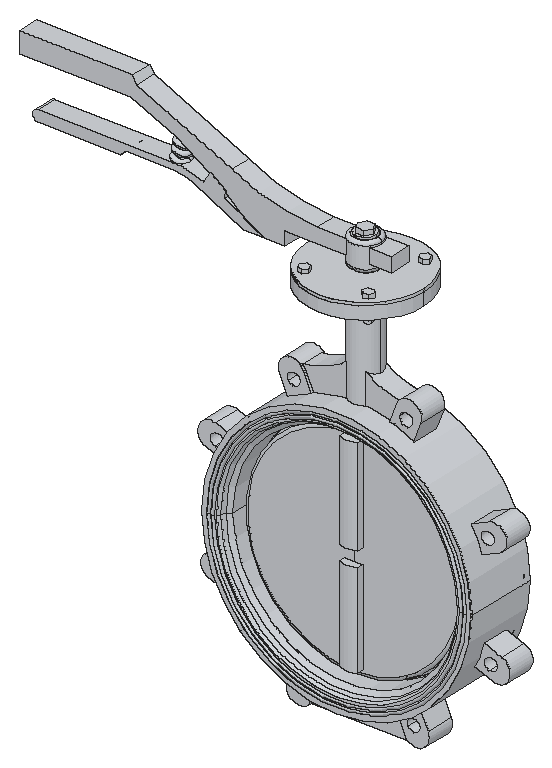
Revit family "R59FLY012", category Plumbing Fixtures, Revit 2015
Reference planes
  plane 1 "Center (Front/Back)": y = 0
  plane 2: z = 0
  plane 3 "Center (Left/Right)": x = 0
  plane 4: z = 191
  plane 5: x = -260
  plane 6: z = 268
  plane 7: z = -120
  plane 8: z = -30
  plane 9: z = 221
  plane 10: z = -30
  plane 11: y = -27.988
  plane 12: y = 28.012
Forms (mm)
  Extrusion 1, solid
    sketch origin (0, 0, 181) x (1, 0, 0) y (0, 1, 0)
      loop
        circle (0, 0) r 45
    from 0 to 10
  Extrusion 2, solid
    sketch origin (0, 45.948, -89.573) x (1, 0, 0) y (0, 0, 1)
      loop
        arc (-96.679, 319.319) -> (-132.67, 336.792) -> (-169.654, 352.049) r 659.286
        line (-169.654, 352.049) -> (-172.843, 357.573) -> (-260, 357.573) -> (-260, 341.853) -> (-174.471, 341.853)
        arc (-174.471, 341.853) -> (-122.152, 316.93) -> (-77.024, 280.573) r 248.649
        line (-77.024, 280.573) -> (-55.568, 280.573) -> (-55.568, 291.199) -> (26.878, 291.199) -> (26.878, 302.179) -> (-30.767, 302.179)
        arc (-30.767, 302.179) -> (-64.704, 306.978) -> (-96.679, 319.319) r 150.722
    from 37.966 to 54.11
  Extrusion 3, solid
    sketch origin (-37.783, 45.948, -159.087) x (1, 0, 0) y (0, 0, 1)
      loop
        line (-98.516, 377.301) -> (-208.006, 377.301)
        arc (-208.006, 377.301) -> (-212.274, 373.033) -> (-208.006, 368.766) r 4.268
        line (-208.006, 368.766) -> (-144.475, 368.766) -> (-140.939, 372.301) -> (-103.305, 372.301)
        arc (-103.305, 372.301) -> (-95.507, 371.471) -> (-88.058, 369.019) r 37.057
        arc (-88.058, 369.019) -> (-68.407, 360.05) -> (-49.241, 350.087) r 421.945
        line (-49.241, 350.087) -> (-34.866, 350.087)
        arc (-34.866, 350.087) -> (-48.985, 359.43) -> (-64, 367.252) r 162.429
        line (-64, 367.252) -> (-63.437, 371.843) -> (-74.98, 380.231) -> (-80.609, 372.485)
        arc (-80.609, 372.485) -> (-89.36, 375.646) -> (-98.516, 377.301) r 55.494
    from 37.966 to 54.11
  Extrusion 4, solid
    sketch origin (0, 0, -76.95) x (1, 0, 0) y (0, 1, 0)
      loop
        circle (0, 0) r 12
    from 173.526 to 257.95
  Revolve 5, solid
    sketch origin (0, 0, 0) x (0, 1, 0) y (0, 0, 1)
      loop
        line (-1.078, -87.589) -> (1.078, -87.589) -> (1.078, -86.655)
        arc (1.078, -86.655) -> (1.953, -85.222) -> (3.478, -84.518) r 2.888
        line (3.478, -84.518) -> (6.599, -84.518)
        arc (6.599, -84.518) -> (9.772, -82.776) -> (11.11, -79.413) r 5.351
        line (11.11, -79.413) -> (11.11, 0) -> (-11.11, 0) -> (-11.11, -81.848)
        arc (-11.11, -81.848) -> (-10.328, -83.736) -> (-8.44, -84.518) r 2.67
        line (-8.44, -84.518) -> (-3.478, -84.518)
        arc (-3.478, -84.518) -> (-1.953, -85.222) -> (-1.078, -86.655) r 2.888
        line (-1.078, -86.655) -> (-1.078, -87.589)
      axis (11.11, 0) -> (-11.11, 0)
    angle from 0 to 360
  Blend 6, solid
    base sketch origin (0, 0, -4.163) x (1, 0, 0) y (0, 1, 0)
      loop
        line (-6.883, 16.4) -> (-6.883, -16.4)
        arc (-6.883, -16.4) -> (0, -18.078) -> (6.883, -16.4) r 14.953
        line (6.883, -16.4) -> (6.883, 16.4)
        arc (6.883, 16.4) -> (0, 18.078) -> (-6.883, 16.4) r 14.953
    top sketch origin (0, 0, 0) x (1, 0, 0) y (0, 1, 0)
      loop
        line (-6.883, 16.4) -> (-6.883, -16.4)
        arc (-6.883, -16.4) -> (0, -18.078) -> (6.883, -16.4) r 14.953
        line (6.883, -16.4) -> (6.883, 16.4)
        arc (6.883, 16.4) -> (0, 18.078) -> (-6.883, 16.4) r 14.953
    from 10.163 to 80.378
  Blend 7, solid
    base sketch origin (0, 0, -38.601) x (0, -1, 0) y (1, 0, 0)
      loop
        line (-16.4, -6.883) -> (16.4, -6.883)
        arc (16.4, -6.883) -> (18.078, 0) -> (16.4, 6.883) r 14.953
        line (16.4, 6.883) -> (-16.4, 6.883)
        arc (-16.4, 6.883) -> (-18.078, 0) -> (-16.4, -6.883) r 14.953
    top sketch origin (0, 0, -35.117) x (0, -1, 0) y (1, 0, 0)
      loop
        line (-16.4, -6.883) -> (16.4, -6.883)
        arc (16.4, -6.883) -> (18.078, 0) -> (16.4, 6.883) r 14.953
        line (16.4, 6.883) -> (-16.4, 6.883)
        arc (-16.4, 6.883) -> (-18.078, 0) -> (-16.4, -6.883) r 14.953
    from -40.115 to 29.117
  Extrusion 8, solid
    sketch origin (-17.499, 0, 36.545) x (0.99863, 0, -0.052336) y (0.052336, 0, 0.99863)
      loop
        line (-18.251, 60.114) -> (-25.459, 74.264)
        arc (-25.459, 74.264) -> (-38.908, 78.635) -> (-43.28, 65.186) r 10
        line (-43.28, 65.186) -> (-36.072, 51.036) -> (-18.251, 60.114)
      loop
        circle (-32.1, 65.269) r 5
    from -10.546 to 10.991
  Extrusion 9, solid
    sketch origin (13.467, 0, 38.215) x (0.669131, 0, -0.743145) y (0.743145, 0, 0.669131)
      loop
        line (-18.251, 60.114) -> (-25.459, 74.264)
        arc (-25.459, 74.264) -> (-38.908, 78.635) -> (-43.28, 65.186) r 10
        line (-43.28, 65.186) -> (-36.072, 51.036) -> (-18.251, 60.114)
      loop
        circle (-32.1, 65.269) r 5
    from -10.546 to 10.991
  Extrusion 10, solid
    sketch origin (36.545, 0, 17.499) x (-0.052336, 0, -0.99863) y (0.99863, 0, -0.052336)
      loop
        line (-18.251, 60.114) -> (-25.459, 74.264)
        arc (-25.459, 74.264) -> (-38.908, 78.635) -> (-43.28, 65.186) r 10
        line (-43.28, 65.186) -> (-36.072, 51.036) -> (-18.251, 60.114)
      loop
        circle (-32.1, 65.269) r 5
    from -10.546 to 10.991
  Extrusion 11, solid
    sketch origin (38.215, 0, -13.467) x (-0.743145, 0, -0.669131) y (0.669131, 0, -0.743145)
      loop
        line (-18.251, 60.114) -> (-25.459, 74.264)
        arc (-25.459, 74.264) -> (-38.908, 78.635) -> (-43.28, 65.186) r 10
        line (-43.28, 65.186) -> (-36.072, 51.036) -> (-18.251, 60.114)
      loop
        circle (-32.1, 65.269) r 5
    from -10.546 to 10.991
  Extrusion 12, solid
    sketch origin (17.499, 0, -36.545) x (-0.99863, 0, 0.052336) y (-0.052336, 0, -0.99863)
      loop
        line (-18.251, 60.114) -> (-25.459, 74.264)
        arc (-25.459, 74.264) -> (-38.908, 78.635) -> (-43.28, 65.186) r 10
        line (-43.28, 65.186) -> (-36.072, 51.036) -> (-18.251, 60.114)
      loop
        circle (-32.1, 65.269) r 5
    from -10.546 to 10.991
  Extrusion 13, solid
    sketch origin (-13.467, 0, -38.215) x (-0.669131, 0, 0.743145) y (-0.743145, 0, -0.669131)
      loop
        line (-18.251, 60.114) -> (-25.459, 74.264)
        arc (-25.459, 74.264) -> (-38.908, 78.635) -> (-43.28, 65.186) r 10
        line (-43.28, 65.186) -> (-36.072, 51.036) -> (-18.251, 60.114)
      loop
        circle (-32.1, 65.269) r 5
    from -10.546 to 10.991
  Extrusion 14, solid
    sketch origin (-36.545, 0, -17.499) x (0.052336, 0, 0.99863) y (-0.99863, 0, 0.052336)
      loop
        line (-18.251, 60.114) -> (-25.459, 74.264)
        arc (-25.459, 74.264) -> (-38.908, 78.635) -> (-43.28, 65.186) r 10
        line (-43.28, 65.186) -> (-36.072, 51.036) -> (-18.251, 60.114)
      loop
        circle (-32.1, 65.269) r 5
    from -10.546 to 10.991
  Extrusion 15, solid
    sketch origin (-38.215, 0, 13.467) x (0.743145, 0, 0.669131) y (-0.669131, 0, 0.743145)
      loop
        line (-18.251, 60.114) -> (-25.459, 74.264)
        arc (-25.459, 74.264) -> (-38.908, 78.635) -> (-43.28, 65.186) r 10
        line (-43.28, 65.186) -> (-36.072, 51.036) -> (-18.251, 60.114)
      loop
        circle (-32.1, 65.269) r 5
    from -10.546 to 10.991
  Extrusion 16, solid
    sketch origin (99.126, -27.447, 193) x (0, -1, 0) y (1, 0, 0)
      loop
        line (3.99, -123.113) -> (0.805, -120.344) -> (-3.184, -121.718) -> (-3.99, -125.86) -> (-0.805, -128.628) -> (3.184, -127.254) -> (3.99, -123.113)
    from 0 to 3
  Extrusion 17, solid
    sketch origin (99.126, -27.447, 173) x (0, -1, 0) y (1, 0, 0)
      loop
        circle (0, -124.486) r 3
    from 2.505 to 20
  Extrusion 18, solid
    sketch origin (99.126, -27.447, 180) x (0, -1, 0) y (1, 0, 0)
      loop
        line (3.99, -123.113) -> (0.805, -120.344) -> (-3.184, -121.718) -> (-3.99, -125.86) -> (-0.805, -128.628) -> (3.184, -127.254) -> (3.99, -123.113)
      loop
        line (-3.444, -125.672) -> (-0.695, -128.061) -> (2.749, -126.876) -> (3.444, -123.301) -> (0.695, -120.911) -> (-2.749, -122.097) -> (-3.444, -125.672)
    from -1.968 to 1
  Extrusion 19, solid, not visible
    sketch origin (26.117, -96.518, 104.233) x (0, -1, 0) y (1, 0, 0)
      loop
        line (3.99, -123.113) -> (0.805, -120.344) -> (-3.184, -121.718) -> (-3.99, -125.86) -> (-0.805, -128.628) -> (3.184, -127.254) -> (3.99, -123.113)
    from 0 to 3
  Extrusion 20, solid, not visible
    sketch origin (26.117, -96.518, 84.233) x (0, -1, 0) y (1, 0, 0)
      loop
        circle (0, -124.486) r 3
    from 2.505 to 20
  Extrusion 21, solid, not visible
    sketch origin (26.117, -96.518, 91.233) x (0, -1, 0) y (1, 0, 0)
      loop
        line (3.99, -123.113) -> (0.805, -120.344) -> (-3.184, -121.718) -> (-3.99, -125.86) -> (-0.805, -128.628) -> (3.184, -127.254) -> (3.99, -123.113)
      loop
        line (-3.444, -125.672) -> (-0.695, -128.061) -> (2.749, -126.876) -> (3.444, -123.301) -> (0.695, -120.911) -> (-2.749, -122.097) -> (-3.444, -125.672)
    from -1.968 to 1
  Extrusion 22, solid
    sketch origin (0, 0, 191) x (1, 0, 0) y (0, 1, 0)
      loop
        circle (0, 0) r 45
    from 0 to 2
  Extrusion 23, solid
    sketch origin (99.126, -27.447, 193) x (0, -1, 0) y (1, 0, 0)
      loop
        line (-58.884, -123.113) -> (-58.079, -127.254) -> (-54.09, -128.628) -> (-50.905, -125.86) -> (-51.71, -121.718) -> (-55.7, -120.344) -> (-58.884, -123.113)
    from 0 to 3
  Extrusion 24, solid
    sketch origin (99.126, -27.447, 173) x (0, -1, 0) y (1, 0, 0)
      loop
        circle (-54.895, -124.486) r 3
    from 2.505 to 20
  Extrusion 25, solid
    sketch origin (99.126, -27.447, 180) x (0, -1, 0) y (1, 0, 0)
      loop
        line (-58.884, -123.113) -> (-58.079, -127.254) -> (-54.09, -128.628) -> (-50.905, -125.86) -> (-51.71, -121.718) -> (-55.7, -120.344) -> (-58.884, -123.113)
      loop
        line (-51.451, -125.672) -> (-52.146, -122.097) -> (-55.59, -120.911) -> (-58.339, -123.301) -> (-57.644, -126.876) -> (-54.2, -128.061) -> (-51.451, -125.672)
    from -1.968 to 1
  Extrusion 26, solid
    sketch origin (-100.376, 27.447, 193) x (0, 1, 0) y (-1, 0, 0)
      loop
        line (-58.884, -123.113) -> (-58.079, -127.254) -> (-54.09, -128.628) -> (-50.905, -125.86) -> (-51.71, -121.718) -> (-55.7, -120.344) -> (-58.884, -123.113)
    from 0 to 3
  Extrusion 27, solid
    sketch origin (-100.376, 27.447, 173) x (0, 1, 0) y (-1, 0, 0)
      loop
        circle (-54.895, -124.486) r 3
    from 2.505 to 20
  Extrusion 28, solid
    sketch origin (-100.376, 27.447, 180) x (0, 1, 0) y (-1, 0, 0)
      loop
        line (-58.884, -123.113) -> (-58.079, -127.254) -> (-54.09, -128.628) -> (-50.905, -125.86) -> (-51.71, -121.718) -> (-55.7, -120.344) -> (-58.884, -123.113)
      loop
        line (-51.451, -125.672) -> (-52.146, -122.097) -> (-55.59, -120.911) -> (-58.339, -123.301) -> (-57.644, -126.876) -> (-54.2, -128.061) -> (-51.451, -125.672)
    from -1.968 to 1
  Extrusion 29, solid
    sketch origin (-100.376, 27.447, 193) x (0, 1, 0) y (-1, 0, 0)
      loop
        line (3.99, -123.113) -> (0.805, -120.344) -> (-3.184, -121.718) -> (-3.99, -125.86) -> (-0.805, -128.628) -> (3.184, -127.254) -> (3.99, -123.113)
    from 0 to 3
  Extrusion 30, solid
    sketch origin (-100.376, 27.447, 173) x (0, 1, 0) y (-1, 0, 0)
      loop
        circle (0, -124.486) r 3
    from 2.505 to 20
  Extrusion 31, solid
    sketch origin (-100.376, 27.447, 180) x (0, 1, 0) y (-1, 0, 0)
      loop
        line (3.99, -123.113) -> (0.805, -120.344) -> (-3.184, -121.718) -> (-3.99, -125.86) -> (-0.805, -128.628) -> (3.184, -127.254) -> (3.99, -123.113)
      loop
        line (-3.444, -125.672) -> (-0.695, -128.061) -> (2.749, -126.876) -> (3.444, -123.301) -> (0.695, -120.911) -> (-2.749, -122.097) -> (-3.444, -125.672)
    from -1.968 to 1
  Extrusion 32, solid
    sketch origin (125.063, -27.447, 218.144) x (0, -1, 0) y (1, 0, 0)
      loop
        line (-32.638, -122.069) -> (-32.638, -128.062) -> (-27.447, -131.059) -> (-22.257, -128.062) -> (-22.257, -122.069) -> (-27.447, -119.072) -> (-32.638, -122.069)
    from -1.014 to 2.856
  Extrusion 33, solid
    sketch origin (124.477, -54.895, 213.2) x (0, -1, 0) y (1, 0, 0)
      loop
        circle (-54.895, -124.486) r 8
    from -22.2 to 3.931
  Sweep 34, solid
    path origin (0, 0, 0) x (1, 0, 0) y (0, 0, 1)
      loop
        circle (0, 0) r 104
    profile origin (0, 0, -104) x (0, 0, 1) y (0, -1, 0)
      loop
        line (16.683, -18.432) -> (16.683, 18.432) -> (13.454, 21.661) -> (12.517, 25.158) -> (10.888, 27.5) -> (9.28, 27.5)
        arc (9.28, 27.5) -> (8.267, 28.514) -> (7.253, 27.5) r 1.014
        line (7.253, 27.5) -> (5.98, 27.5)
        arc (5.98, 27.5) -> (4.966, 28.514) -> (3.952, 27.5) r 1.014
        line (3.952, 27.5) -> (0.625, 27.5) -> (0.625, -27.5) -> (3.952, -27.5)
        arc (3.952, -27.5) -> (4.966, -28.514) -> (5.98, -27.5) r 1.014
        line (5.98, -27.5) -> (7.253, -27.5)
        arc (7.253, -27.5) -> (8.267, -28.514) -> (9.28, -27.5) r 1.014
        line (9.28, -27.5) -> (10.888, -27.5) -> (12.517, -25.158) -> (13.454, -21.661) -> (16.683, -18.432)
  Extrusion 35, solid
    sketch origin (-1.25, 0, 39.34) x (1, 0, 0) y (0, 0, 1)
      loop
        arc (38.192, 75.9) -> (18.479, 81.757) -> (1.583, 93.481) r 64.989
        line (1.583, 93.481) -> (1.583, 61.435) -> (-1.691, 61.435) -> (-1.691, 93.481)
        arc (-1.691, 93.481) -> (-20.294, 80.968) -> (-42.041, 75.521) r 64.989
        line (-42.041, 75.521) -> (-34.671, 58.962) -> (31.688, 58.962) -> (38.192, 75.9)
    from -7.881 to 9.454
  Extrusion 36, solid
    sketch origin (-2.813, 0.293, -21.807) x (1, 0, 0) y (0, 0, 1)
      loop
        line (45.301, -91.785) -> (38.214, -75.868) -> (-26.016, -75.868) -> (-31.983, -91.406)
        arc (-31.983, -91.406) -> (-32.931, -93.267) -> (-34.246, -94.891) r 10
        line (-34.246, -94.891) -> (47.655, -94.891)
        arc (47.655, -94.891) -> (46.299, -93.474) -> (45.301, -91.785) r 8.561
    from -9.388 to 9.974
  Revolve 37, solid
    sketch origin (0, 0, 51) x (1, 0, 0) y (0, 0, 1)
      loop
        line (-9.486, 143.746) -> (0, 143.746) -> (0, 165) -> (-9.486, 165)
        arc (-9.486, 165) -> (-11.259, 164.265) -> (-11.994, 162.492) r 2.508
        line (-11.994, 162.492) -> (-11.994, 146.254)
        arc (-11.994, 146.254) -> (-11.259, 144.481) -> (-9.486, 143.746) r 2.508
      axis (0, 143.746) -> (0, 165)
    angle from 0 to 360
  Sweep 38, solid
    path origin (-48.156, 0, 217.496) x (0.978732, 0, -0.205142) y (0, 1, 0)
      loop
        circle (-92.344, 0) r 5
    profile origin (-138.536, 5, 236.439) x (0, -1, 0) y (0.205142, 0, 0.978732)
      loop
        circle (0, 0) r 2
  Sweep 39, solid
    path origin (-49.24, 0, 211.236) x (0.978732, 0, -0.205142) y (0, 1, 0)
      loop
        circle (-92.344, 0) r 5
    profile origin (-139.62, 5, 230.18) x (0, -1, 0) y (0.205142, 0, 0.978732)
      loop
        circle (0, 0) r 2
  Sweep 40, solid
    path origin (-50.258, 0, 205.62) x (0.978732, 0, -0.205142) y (0, 1, 0)
      loop
        circle (-92.344, 0) r 5
    profile origin (-140.638, 5, 224.564) x (0, -1, 0) y (0.205142, 0, 0.978732)
      loop
        circle (0, 0) r 2
  Sweep 41, solid
    path origin (-51.686, 0, 198.994) x (0.978732, 0, -0.205142) y (0, 1, 0)
      loop
        circle (-92.344, 0) r 5
    profile origin (-142.066, 5, 217.938) x (0, -1, 0) y (0.205142, 0, 0.978732)
      loop
        circle (0, 0) r 2
  Sweep 42, solid
    path origin (-0.002, 0, 0) x (1, 0, 0) y (0, 0, 1)
      loop
        circle (0, 0) r 104
    profile origin (-0.002, 0, -104) x (0, 0, 1) y (0, -1, 0)
      loop
        line (0, 27.988) -> (0, -28.012) -> (3.934, -28.012) -> (3.934, 27.988) -> (0, 27.988)
Dimensions and locks
  plane 2 to plane 4 = 191 mm
  plane 3 "Center (Left/Right)" to plane 5 = 260 mm
  level to plane 6 = 268 mm
  plane 7 to level = 120 mm
  locked: plane 4 to plane 9 at 30
  plane 12 to plane 11 = 56 mm
  aligned and locked: level to plane 2
